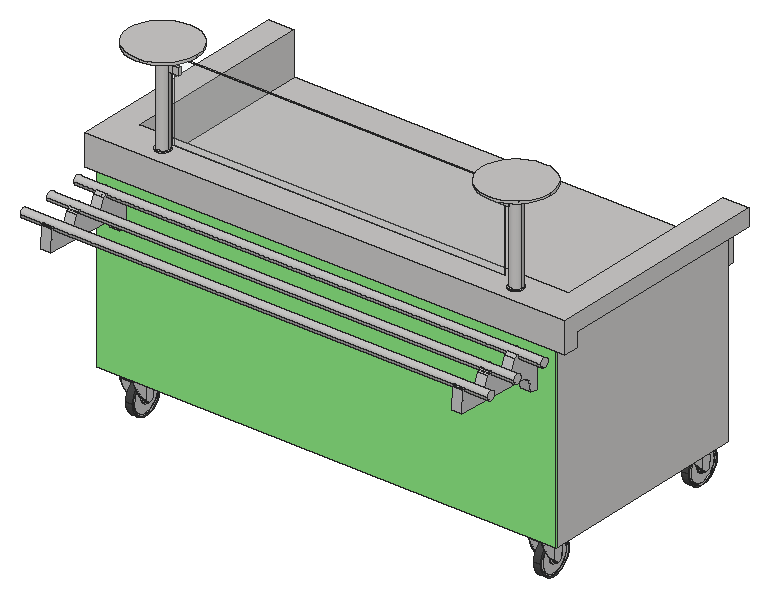
Revit family "QF_BOURGEAT_Self_GN4_Meuble_neutre_dessus_decaisse", category Equipement spécialisé, Revit 2015
Parameters (values of type "GN4_+_roues_+_etageres_+_pare_haleine")
  lg_pare_haleine = 1260 mm
  URL catalogue = "http://www.bourgeat.fr/fr/"
  URL = ""
  Type article = ""
  Spécification du Fabricant = "Meuble_dessus_decaisse_OASIS"
  Roues = yes
  Profondeur hors tout = 820 mm
  Poids net à vide = 155.00 kg
  Pieds = no
  lgmeuble = Longueur hors tout - 68 mm  # 1642 mm
  lgconsole = Longueur hors tout - 44 mm  # 1666 mm
  lg_etagere = lgmeuble - 404 mm  # 1238 mm
  Pare_haleine = yes
  Nature isolant = "laine de verre"
  Modèle = "854124+854950+854964+854973"
  Longueur hors tout = 1710 mm
  Hauteur hors tout = 1310 mm
  Fabricant = "BOURGEAT"
  Etageres = yes
  Contact SAV = "0033 (0)4.76.32.14.44"
  Charge max = 150.00 kg
  Certification = "NF alimentaire"
Types (7, lengths in mm): name | Roues | Pieds | Pare_haleine | Modèle | Hauteur hors tout | Etageres
  GN4_+_pied | no | yes | no | "854124" | 900 | no
  GN4_+_etageres | no | yes | no | "854124+854963" | 1310 | yes
  GN4_+_pare_haleine | no | yes | yes | "854124+854973" | 900 | no
  GN4_+_roues | yes | no | no | "854124+854950" | 900 | no
  GN4_+_etageres_+_pare_haleine | yes | no | no | "854124+854950+854974" | 1310 | no
  GN4_+_roues_+_etageres | yes | no | no | "854124+854950+854964" | 900 | yes
  GN4_+_roues_+_etageres_+_pare_haleine | yes | no | yes | "854124+854950+854964+854973" | 1310 | yes
Reference planes
  plane 1 "Centre (avant/arrière)": y = 0
  plane 2: z = 0
  plane 3 "Centre (gauche/droite)": x = 0
  plane 4: z = 235
  plane 5: z = 465
  plane 6: z = 284
  plane 7: z = 640
  plane 8: y = 812
  plane 9: y = 58
  plane 10: y = 590
  plane 11: x = -1225
  plane 12: x = 283
Forms (mm)
  Extrusion 1, solid
    sketch origin (-964.434, 20.176, 0) x (1, 0, 0) y (0, 1, 0)
      loop
        circle (-260.566, 569.824) r 10
    from 149.89 to 160
  Extrusion 2, solid
    sketch origin (22.434, 20.176, 0) x (-1, 0, 0) y (0, -1, 0)
      loop
        circle (-260.566, -569.824) r 10
    from 149.89 to 160
Dimensions and locks
  locked: plane 4 to plane 2 at 235
  locked: plane 6 to plane 2 at 284
  locked: plane 7 to plane 2 at 640
  equal spacing: nested 4, plane 9, nested 4, locked at 66 each
  locked: nested 5 to plane 10 at 175
  locked: nested 5 to plane 11 at 66
  locked: nested 5 to plane 12 at 66
  aligned and locked: level to plane 2
  aligned and locked: plane 7 to nested 1
  aligned and locked: plane 4 to nested 3
  aligned and locked: nested 2 to plane 5
  aligned and locked: plane 1 "Centre (avant/arrière)" to nested 5
  aligned and locked: nested 4 to plane 8
  aligned and locked: nested 4 to nested 5
  aligned and locked: nested 4 to nested 2
  aligned and locked: nested 4 to nested 3
  aligned and locked: nested 4 to nested 1
  aligned and locked: nested 5 to plane 2
  aligned and locked: nested 6 to nested 4
  aligned and locked: nested 6 to plane 9
  aligned and locked: nested 4 to nested 6
  aligned and locked: nested 1 to nested 5
  aligned and locked: plane 11 to Extrusion 1 sketch curve
  aligned and locked: Extrusion 1 sketch curve to plane 10
  aligned and locked: plane 7 to nested 7
  aligned and locked: nested 7 to nested 5
  aligned and locked: plane 12 to Extrusion 2 sketch curve
  aligned and locked: plane 10 to Extrusion 2 sketch curve
Automatic sketch dimensions
  radius of Extrusion 1 sketch curve = 10 mm
  radius of Extrusion 2 sketch curve = 10 mm
Nested families
  nested 1: "barre_et_console" at (-471, 0, 465) x (-1, 0, 0) z (0, 0, 1), type "barre_et_console"
    with lg_ht 1710 mm, lg_barre_console 1666 mm
  nested 2: "etagere" at (-471, 100.176, 427) x (-1, 0, 0) z (0, 0, 1), visible <- "Etageres", type "etagere"
    with lg_etagere 1238 mm
  nested 3: "etagere" at (-471, 100.176, 197) x (-1, 0, 0) z (0, 0, 1), visible <- "Etageres", type "etagere"
    with lg_etagere 1238 mm
  nested 4: "cuve_2GN" at (-471, 402, 705) x (-1, 0, 0) z (0, 0, 1), type "cuve_2GN"
  nested 5: "corps_meuble_dessus_decaisse" at (349, 0, 160), type "corps_meuble_dessus_decaisse"
    with lg_meuble 1640 mm, lg_ht 1710 mm
  nested 6: "pare_haleine" at (-471, 58, 900), visible <- "Pare_haleine", type "pare_haleine"
    with lg_ht 1260 mm, lg_entre_axe 1260 mm
  nested 7: "Prise" at (-1089, 637, 597) x (0, 1, 0) z (0, 0, 1), type "Prise"
Connectors
  electrical at (-1225, 590, 149.89)
    settings: on Extrusion 1, index 1, voltage 0 V, apparent load 0 VA, apparent load phase1 0 VA, apparent load phase2 0 VA, apparent load phase3 0 VA, power factor 1, load classification "Autre", number of poles 1, system type 30, power factor state 1, is connector primary yes, connector utility no, sub classification motor no, connector description ""
  electrical at (283, 590, 149.89)
    settings: on Extrusion 2, index 2, voltage 0 V, apparent load 0 VA, apparent load phase1 0 VA, apparent load phase2 0 VA, apparent load phase3 0 VA, power factor 1, load classification "Autre", number of poles 1, system type 30, power factor state 1, is connector primary no, connector utility no, sub classification motor no, connector description ""
Definition of nested family "barre_et_console"
  Parameters (values of type "barre_et_console")
    lg_ht = 1014 mm
    lg_barre_console = lg_ht - 44 mm  # 970 mm
  Reference planes
    plane 1 "Centre (avant/arrière)": y = 0
    plane 2: z = 0
    plane 3 "Centre (gauche/droite)": x = 0
    plane 4: x = -485
    plane 5: x = 485
    plane 6: x = -385
    plane 7: x = 385
    plane 8: z = 320.378
    plane 9: z = 175
  Dimensions and locks
    locked: plane 4 to plane 6 at 100
    locked: plane 7 to plane 5 at 100
    equal spacing: plane 4, plane 3 "Centre (gauche/droite)", plane 5
    "lg_barre_console": plane 4 to plane 5
    aligned and locked: level to plane 2
    aligned and locked: nested 1 to plane 1 "Centre (avant/arrière)"
    aligned and locked: plane 6 to nested 1
    aligned and locked: plane 7 to nested 2
    aligned and locked: plane 5 to nested 3
    aligned and locked: nested 3 to plane 4
    aligned and locked: plane 8 to nested 3
    aligned and locked: plane 9 to nested 1
  Nested families
    nested 1: "console" at (-385, 0, 0) x (0, 1, 0) z (0, 0, 1), type "console"
    nested 2: "console" at (385, 0, 0) x (0, 1, 0) z (0, 0, 1), type "console"
    nested 3: "barre" at (485, 0, 19.415) x (0, 1, 0) z (0, 0, 1), type "barre"
  Definition of nested family "console"
    Reference planes
      plane 1 "Centre (avant/arrière)": y = 0
      plane 2: z = 0
      plane 3 "Centre (gauche/droite)": x = 0
      plane 4: y = 18
      plane 5: y = -18
      plane 6: y = 0
    Forms (mm)
      Extrusion 1, solid
        sketch origin (-12.245, 0, 175) x (1, 0, 0) y (0, 0, 1)
          loop
            line (12.245, 100) -> (12.245, 0) -> (39.579, 4.82) -> (50.894, 44.279)
            arc (50.894, 44.279) -> (55.986, 52.254) -> (64.592, 56.187) r 16.714
            line (64.592, 56.187) -> (348.499, 69.146) -> (343.309, 143.358)
            arc (343.309, 143.358) -> (342.973, 144.595) -> (342.189, 145.609) r 3.292
            line (342.189, 145.609) -> (337.923, 148.439)
            arc (337.923, 148.439) -> (337.371, 148.545) -> (336.906, 148.229) r 0.731
            arc (336.906, 148.229) -> (320.176, 130.386) -> (309.012, 152.149) r 14.958
            arc (309.012, 152.149) -> (308.597, 152.587) -> (308.001, 152.491) r 0.646
            line (308.001, 152.491) -> (297.265, 144.401) -> (278.874, 108.385)
            arc (278.874, 108.385) -> (262.102, 99.164) -> (245.329, 108.385) r 19.864
            line (245.329, 108.385) -> (229.634, 139.188) -> (217.945, 148.321)
            arc (217.945, 148.321) -> (217.306, 148.53) -> (216.976, 147.944) r 0.53
            arc (216.976, 147.944) -> (200.124, 130.629) -> (188.973, 152.064) r 14.905
            arc (188.973, 152.064) -> (188.691, 152.524) -> (188.154, 152.476) r 0.511
            line (188.154, 152.476) -> (177.098, 144.144) -> (158.855, 108.341)
            arc (158.855, 108.341) -> (142.039, 98.901) -> (125.223, 108.341) r 19.698
            line (125.223, 108.341) -> (109.334, 139.526) -> (97.932, 148.434)
            arc (97.932, 148.434) -> (97.187, 148.438) -> (96.994, 147.718) r 0.61
            arc (96.994, 147.718) -> (79.923, 130.663) -> (69.024, 152.192) r 14.902
            arc (69.024, 152.192) -> (68.66, 152.548) -> (68.158, 152.464) r 0.563
            line (68.158, 152.464) -> (57.103, 144.336) -> (39.164, 108.745)
            arc (39.164, 108.745) -> (33.443, 102.448) -> (25.295, 100) r 15.908
            line (25.295, 100) -> (12.245, 100)
        from -18 to 18
    Dimensions and locks
      plane 4 to plane 5 = 36 mm
      equal spacing: plane 4, plane 6, plane 5, locked at 18 each
      aligned and locked: level to plane 2
      aligned and locked: plane 4 to Extrusion 1
      aligned and locked: Extrusion 1 to plane 5
      aligned and locked: plane 6 to plane 1 "Centre (avant/arrière)"
      aligned and locked: Extrusion 1 to plane 3 "Centre (gauche/droite)"
    Automatic sketch dimensions
      Extrusion 1 sketch curve to Extrusion 1 sketch curve = 12.714 mm
      Extrusion 1 sketch curve to Extrusion 1 sketch curve = 13.05 mm
      Extrusion 1 sketch curve to Extrusion 1 sketch curve = 14.206 mm
      Extrusion 1 sketch curve to Extrusion 1 sketch curve = 27.334 mm
      Extrusion 1 sketch curve to Extrusion 1 sketch curve = 11.315 mm
      Extrusion 1 sketch curve to Extrusion 1 sketch curve = 17.938 mm
      Extrusion 1 sketch curve to Extrusion 1 sketch curve = 13.698 mm
      Extrusion 1 sketch curve to Extrusion 1 sketch curve = 16.057 mm
      Extrusion 1 sketch curve to Extrusion 1 sketch curve = 11.055 mm
      Extrusion 1 sketch curve to Extrusion 1 sketch curve = 0.333 mm
      Extrusion 1 sketch curve to Extrusion 1 sketch curve = 13.785 mm
      Extrusion 1 sketch curve to Extrusion 1 sketch curve = 15.28 mm
      Extrusion 1 sketch curve to Extrusion 1 sketch curve = 0.376 mm
      Extrusion 1 sketch curve to Extrusion 1 sketch curve = 11.401 mm
      Extrusion 1 sketch curve to Extrusion 1 sketch curve = 15.89 mm
      Extrusion 1 sketch curve to Extrusion 1 sketch curve = 16.816 mm  (x2)
      Extrusion 1 sketch curve to Extrusion 1 sketch curve = 18.243 mm
      Extrusion 1 sketch curve to Extrusion 1 sketch curve = 11.057 mm
      Extrusion 1 sketch curve to Extrusion 1 sketch curve = 0.308 mm
      Extrusion 1 sketch curve to Extrusion 1 sketch curve = 13.831 mm
      Extrusion 1 sketch curve to Extrusion 1 sketch curve = 15.204 mm
      Extrusion 1 sketch curve to Extrusion 1 sketch curve = 0.447 mm
      Extrusion 1 sketch curve to Extrusion 1 sketch curve = 11.69 mm
      Extrusion 1 sketch curve to Extrusion 1 sketch curve = 15.695 mm
      Extrusion 1 sketch curve to Extrusion 1 sketch curve = 16.772 mm  (x2)
      Extrusion 1 sketch curve to Extrusion 1 sketch curve = 18.391 mm
      Extrusion 1 sketch curve to Extrusion 1 sketch curve = 10.737 mm
      Extrusion 1 sketch curve to Extrusion 1 sketch curve = 0.389 mm
      Extrusion 1 sketch curve to Extrusion 1 sketch curve = 13.868 mm
      Extrusion 1 sketch curve to Extrusion 1 sketch curve = 15.261 mm
      Extrusion 1 sketch curve to Extrusion 1 sketch curve = 0.404 mm
      Extrusion 1 sketch curve to Extrusion 1 sketch curve = 2.506 mm
      Extrusion 1 sketch curve to Extrusion 1 sketch curve = 2.164 mm
      Extrusion 1 sketch curve to Extrusion 1 sketch curve = 1.12 mm
      Extrusion 1 sketch curve to Extrusion 1 sketch curve = 5.189 mm
      Extrusion 1 sketch curve to Extrusion 1 sketch curve = 4.639 mm
      Extrusion 1 sketch curve to Extrusion 1 sketch curve = 55.721 mm
      Extrusion 1 sketch curve to Extrusion 1 sketch curve = 8.745 mm
      Extrusion 1 sketch curve to Extrusion 1 sketch curve = 10.259 mm
      Extrusion 1 sketch curve to Extrusion 1 sketch curve = 10.642 mm
      Extrusion 1 sketch curve to Extrusion 1 sketch curve = 9.133 mm
      Extrusion 1 sketch curve to Extrusion 1 sketch curve = 31.185 mm
      Extrusion 1 sketch curve to Extrusion 1 sketch curve = 35.803 mm
      Extrusion 1 sketch curve to Extrusion 1 sketch curve = 35.592 mm
      Extrusion 1 sketch curve to Extrusion 1 sketch curve = 3.24 mm
      Extrusion 1 sketch curve to Extrusion 1 sketch curve = 2.946 mm
      Extrusion 1 sketch curve to Extrusion 1 sketch curve = 1.042 mm
      Extrusion 1 sketch curve to Extrusion 1 sketch curve = 0.609 mm
      Extrusion 1 sketch curve to Extrusion 1 sketch curve = 8.427 mm
      Extrusion 1 sketch curve to Extrusion 1 sketch curve = 0.286 mm
      Extrusion 1 sketch curve to Extrusion 1 sketch curve = 0.481 mm
      Extrusion 1 sketch curve to Extrusion 1 sketch curve = 0.516 mm
      Extrusion 1 sketch curve to Extrusion 1 sketch curve = 7.674 mm
      Extrusion 1 sketch curve to Extrusion 1 sketch curve = 7.924 mm
      Extrusion 1 sketch curve to Extrusion 1 sketch curve = 0.453 mm
      Extrusion 1 sketch curve to Extrusion 1 sketch curve = 0.408 mm
      Extrusion 1 sketch curve to Extrusion 1 sketch curve = 0.533 mm
      Extrusion 1 sketch curve to Extrusion 1 sketch curve = 0.511 mm
      Extrusion 1 sketch curve to Extrusion 1 sketch curve = 0.622 mm
      Extrusion 1 sketch curve to Extrusion 1 sketch curve = 4.82 mm
      Extrusion 1 sketch curve to Extrusion 1 sketch curve = 34.82 mm
      Extrusion 1 sketch curve to Extrusion 1 sketch curve = 76.232 mm
      Extrusion 1 sketch curve to Extrusion 1 sketch curve = 37.038 mm
      Extrusion 1 sketch curve to Extrusion 1 sketch curve = 39.239 mm
      Extrusion 1 sketch curve to Extrusion 1 sketch curve = 30.803 mm
      Extrusion 1 sketch curve to Extrusion 1 sketch curve = 34.743 mm
      Extrusion 1 sketch curve to Extrusion 1 sketch curve = 0.23 mm
      Extrusion 1 sketch curve to Extrusion 1 sketch curve = 36.015 mm
      Extrusion 1 sketch curve to Extrusion 1 sketch curve = 2.071 mm
      Extrusion 1 sketch curve to Extrusion 1 sketch curve = 7.575 mm
      Extrusion 1 sketch curve to plane 3 "Centre (gauche/droite)" = 0 mm
      level to Extrusion 1 sketch curve = 175 mm
  Definition of nested family "barre"
    Parameters (values of type "barre")
      lg_barre = 970 mm
    Reference planes
      plane 1 "Centre (avant/arrière)": y = 0
      plane 2: z = 0
      plane 3 "Centre (gauche/droite)": x = 0
      plane 4: x = 70
      plane 5: x = 190
      plane 6: x = 309
      plane 7: z = 300.963
      plane 8: z = 94.658
      plane 9: y = 0
      plane 10: y = 970
    Forms (mm)
      Extrusion 1, solid
        sketch origin (0, 0, 0) x (1, 0, 0) y (0, 0, 1)
          loop
            circle (70, 300.963) r 15
          loop
            circle (190, 300.963) r 15
          loop
            circle (309, 300.963) r 15
        from 0 to -970
    Dimensions and locks
      plane 4 to plane 3 "Centre (gauche/droite)" = 70 mm
      plane 6 to plane 5 to plane 4 = 119 mm, 120 mm
      "lg_barre": plane 10 to plane 1 "Centre (avant/arrière)"
      aligned and locked: level to plane 2
      aligned and locked: Extrusion 1 to plane 9
      aligned and locked: plane 9 to plane 1 "Centre (avant/arrière)"
      aligned and locked: plane 10 to Extrusion 1
    Automatic sketch dimensions
      Extrusion 1 sketch curve to plane 4 = 0 mm
      Extrusion 1 sketch curve to plane 5 = 0 mm
      Extrusion 1 sketch curve to plane 6 = 0 mm
      Extrusion 1 sketch curve to plane 7 = 0 mm  (x3)
      radius of Extrusion 1 sketch curve = 15 mm  (x3)
Definition of nested family "etagere"
  Parameters (values of type "etagere")
    lg_etagere = 542 mm
  Reference planes
    plane 1 "Centre (avant/arrière)": y = 0
    plane 2: z = 0
    plane 3 "Centre (gauche/droite)": x = 0
    plane 4: y = -625
    plane 5: y = -623
    plane 6: y = -2
    plane 7: x = 0
  Forms (mm)
    Extrusion 1, solid
      sketch origin (0, 0, 0) x (0, 1, 0) y (0, 0, 1)
        loop
          line (0, 119.481) -> (-2, 119.481) -> (-2, 40) -> (-625, 40) -> (-625, 0) -> (-623, 0) -> (-623, 38) -> (0, 38) -> (0, 119.481)
      from -271 to 271
  Dimensions and locks
    locked: plane 6 to plane 1 "Centre (avant/arrière)" at 2
    locked: plane 4 to plane 5 at 2
    plane 4 to plane 1 "Centre (avant/arrière)" = 625 mm
    equal spacing: Extrusion 1, plane 7, Extrusion 1
    "lg_etagere": Extrusion 1 to Extrusion 1
    aligned and locked: level to plane 2
    aligned and locked: plane 2 to Extrusion 1 sketch curve
    aligned and locked: plane 1 "Centre (avant/arrière)" to Extrusion 1 sketch curve
    aligned and locked: plane 4 to Extrusion 1
    aligned and locked: plane 5 to Extrusion 1
    aligned and locked: Extrusion 1 to plane 6
    aligned and locked: plane 3 "Centre (gauche/droite)" to plane 7
  Automatic sketch dimensions
    Extrusion 1 sketch curve to plane 4 = 0 mm
    Extrusion 1 sketch curve to plane 5 = 0 mm
    Extrusion 1 sketch curve to plane 6 = 0 mm
    level to Extrusion 1 sketch curve = 38 mm
    Extrusion 1 sketch curve to Extrusion 1 sketch curve = 2 mm
    Extrusion 1 sketch curve to Extrusion 1 sketch curve = 79.481 mm
Definition of nested family "cuve_2GN"
  Parameters (values of type "cuve_2GN")
    longueur_cuve = 1710 mm
  Reference planes
    plane 1 "Centre (avant/arrière)": y = 0
    plane 2: z = 0
    plane 3 "Centre (gauche/droite)": x = 0
    plane 4: x = 855
    plane 5: x = -855
    plane 6: y = 410
    plane 7: y = -410
    plane 8: x = -765
    plane 9: x = 765
    plane 10: y = 278
    plane 11: z = 195
    plane 12: x = -801
    plane 13: x = 801
    plane 14: z = 135
    plane 15: y = 356
    plane 16: z = 85
  Forms (mm)
    Extrusion 1, solid
      sketch origin (0, 0, 0) x (1, 0, 0) y (0, 1, 0)
        loop
          line (-855, 410) -> (-855, -410) -> (-765, -410) -> (-765, 278) -> (765, 278) -> (765, -410) -> (855, -410) -> (855, 410) -> (-855, 410)
      from 0 to 195
    Extrusion 2, solid
      sketch origin (0, 0, 0) x (1, 0, 0) y (0, 0, 1)
        loop
          line (-765, 0) -> (765, 0) -> (765, 45.074) -> (-765, 45.074) -> (-765, 0)
      from -278 to 410
    Extrusion 3, void
      sketch origin (0, 0, 0) x (1, 0, 0) y (0, 0, 1)
        loop
          line (-1295.131, 135) -> (-1295.131, -78.924) -> (-801, -78.924) -> (-801, 135) -> (-1295.131, 135)
        loop
          line (1326.713, 135) -> (801, 135) -> (801, -387.537) -> (1326.713, -387.537) -> (1326.713, 135)
      from -356 to 637.488
    Extrusion 4, void
      sketch origin (0, 0, 0) x (0, 1, 0) y (0, 0, 1)
        loop
          line (356, 85) -> (356, 0) -> (410, 0) -> (410, 85) -> (356, 85)
      from -855 to 855
  Cuts and joins
    Extrusion 3, Extrusion 4 cuts Extrusion 1
  Dimensions and locks
    equal spacing: plane 5, plane 3 "Centre (gauche/droite)", plane 4
    "longueur_cuve": plane 5 to plane 4
    plane 6 to plane 7 = 820 mm
    equal spacing: plane 6, plane 1 "Centre (avant/arrière)", plane 7
    locked: plane 5 to plane 8 at 90
    locked: plane 9 to plane 4 at 90
    locked: plane 6 to plane 10 at 132
    locked: plane 5 to plane 12 at 54
    locked: plane 4 to plane 13 at 54
    aligned and locked: level to plane 2
    aligned and locked: Extrusion 1 sketch curve to plane 6
    aligned and locked: Extrusion 1 sketch curve to plane 5
    aligned and locked: Extrusion 1 sketch curve to plane 4
    aligned and locked: Extrusion 1 sketch curve to plane 7
    aligned and locked: plane 8 to Extrusion 1 sketch curve
    aligned and locked: Extrusion 1 sketch curve to plane 10
    aligned and locked: plane 9 to Extrusion 1 sketch curve
    aligned and locked: plane 7 to Extrusion 1 sketch curve
    aligned and locked: Extrusion 1 to plane 11
    aligned and locked: Extrusion 2 to Extrusion 1  (x2)
    aligned and locked: Extrusion 3 sketch curve to plane 14  (x2)
    aligned and locked: Extrusion 3 sketch curve to plane 12
    aligned and locked: Extrusion 3 sketch curve to plane 13
    aligned and locked: plane 15 to Extrusion 3
    aligned and locked: plane 16 to Extrusion 4 sketch curve
    aligned and locked: plane 15 to Extrusion 4 sketch curve
    aligned and locked: Extrusion 4 sketch curve to cut or joined group of Extrusion 1, Extrusion 3, Extrusion 4  (x2)
    aligned and locked: Extrusion 1 to Extrusion 4
    aligned and locked: Extrusion 4 to Extrusion 1
  Automatic sketch dimensions
    Extrusion 2 sketch curve to plane 8 = 0 mm
    plane 9 to Extrusion 2 sketch curve = 0 mm
    Extrusion 2 sketch curve to level = 0 mm
    level to Extrusion 2 sketch curve = 45.074 mm
    plane 5 to Extrusion 3 sketch curve = 440.131 mm
    plane 4 to Extrusion 3 sketch curve = 471.713 mm
    Extrusion 3 sketch curve to level = 387.537 mm
    Extrusion 3 sketch curve to level = 78.924 mm
Definition of nested family "corps_meuble_dessus_decaisse"
  Parameters (values of type "corps_meuble_dessus_decaisse")
    roues = yes
    pieds = no
    lg_meuble = lg_ht - 70 mm  # 944 mm
    lg_ht = 1014 mm
  Reference planes
    plane 1 "Centre (avant/arrière)": y = 0
    plane 2: z = 0
    plane 3 "Centre (gauche/droite)": x = 0
    plane 4: x = -480.227
    plane 5: z = 680
    plane 6: x = -472
    plane 7: x = -379.227
    plane 8: x = -944
    plane 9: x = -926
    plane 10: x = -202
    plane 11: x = -18
    plane 12: x = -742
    plane 13: x = -854
    plane 14: x = -90
    plane 15: z = 519
    plane 16: x = -851
    plane 17: x = -93
    plane 18: y = 53
    plane 19: y = 712
    plane 20: y = 402
    plane 21: z = 570
    plane 22: y = -1
  Forms (mm)
    Extrusion 1, solid
      sketch origin (-379.227, -50.814, 0) x (1, 0, 0) y (0, 1, 0)
        loop
          line (-564.773, 815.814) -> (-564.773, 50.814) -> (379.227, 50.814) -> (379.227, 815.814) -> (177.227, 815.814) -> (177.227, 130.814) -> (-362.773, 130.814) -> (-362.773, 815.814) -> (-564.773, 815.814)
      from 0 to 680
    Extrusion 2, void
      sketch origin (-379.227, 0, 0) x (1, 0, 0) y (0, 1, 0)
        loop
          line (-546.773, 870) -> (-546.773, 80) -> (361.227, 80) -> (361.227, 870) -> (-546.773, 870)
      from 570 to 680
    Extrusion 3, solid
      sketch origin (0, 0, 0) x (1, 0, 0) y (0, 0, 1)
        loop
          line (-944, 680) -> (-944, 0) -> (0, 0) -> (0, 680) -> (-944, 680)
      from 0 to 1
  Cuts and joins
    Extrusion 2 cuts Extrusion 1
  Dimensions and locks
    locked: plane 5 to plane 2 at 680
    plane 8 to plane 9 = 18 mm
    locked: plane 10 to plane 3 "Centre (gauche/droite)" at 202
    locked: plane 11 to plane 3 "Centre (gauche/droite)" at 18
    equal spacing: plane 8, plane 6, plane 3 "Centre (gauche/droite)"
    "lg_meuble": plane 8 to plane 3 "Centre (gauche/droite)"
    locked: plane 8 to plane 12 at 202
    locked: plane 8 to plane 13 at 90
    locked: plane 14 to plane 3 "Centre (gauche/droite)" at 90
    locked: plane 15 to plane 2 at 519
    locked: plane 8 to plane 16 at 93
    locked: plane 17 to plane 3 "Centre (gauche/droite)" at 93
    locked: cut or joined group of Extrusion 1, Extrusion 2 to plane 20 at 363
    plane 5 to plane 21 = 110 mm
    aligned and locked: level to plane 2
    aligned and locked: plane 5 to Extrusion 1
    aligned and locked: cut or joined group of Extrusion 1, Extrusion 2 to plane 8
    aligned and locked: Extrusion 2 to plane 9
    aligned and locked: Extrusion 1 to plane 10
    aligned and locked: plane 11 to cut or joined group of Extrusion 1, Extrusion 2
    aligned and locked: plane 12 to cut or joined group of Extrusion 1, Extrusion 2
    aligned and locked: plane 13 to nested 1
    aligned and locked: plane 19 to nested 1
    aligned and locked: nested 2 to plane 18
    aligned and locked: plane 13 to nested 2
    aligned and locked: nested 3 to plane 18
    aligned and locked: plane 17 to nested 3
    aligned and locked: plane 19 to nested 4
    aligned and locked: plane 17 to nested 4
    aligned and locked: plane 17 to nested 7
    aligned and locked: plane 19 to nested 7
    aligned and locked: nested 8 to plane 18
    aligned and locked: plane 17 to nested 8
    aligned and locked: nested 6 to plane 18
    aligned and locked: plane 13 to nested 6
    aligned and locked: plane 13 to nested 5
    aligned and locked: plane 19 to nested 5
    aligned and locked: nested 2 to plane 2
    aligned and locked: nested 1 to plane 2
    aligned and locked: nested 5 to plane 2
    aligned and locked: nested 8 to plane 2
    aligned and locked: nested 7 to plane 2
    aligned and locked: nested 3 to plane 2
    aligned and locked: nested 4 to plane 2
    aligned and locked: cut or joined group of Extrusion 1, Extrusion 2 to plane 21
    aligned and locked: Extrusion 2 to Extrusion 1
    aligned and locked: Extrusion 3 sketch curve to cut or joined group of Extrusion 1, Extrusion 2  (x4)
    aligned and locked: Extrusion 3 to plane 22
  Automatic sketch dimensions
    Extrusion 1 sketch curve to plane 8 = 0 mm
    Extrusion 1 sketch curve to plane 10 = 0 mm
    plane 1 "Centre (avant/arrière)" to Extrusion 1 sketch curve = 0 mm
    Extrusion 1 sketch curve to plane 3 "Centre (gauche/droite)" = 0 mm
    Extrusion 1 sketch curve to plane 1 "Centre (avant/arrière)" = 80 mm
    Extrusion 1 sketch curve to plane 6 = 270 mm
    Extrusion 1 sketch curve to Extrusion 1 sketch curve = 685 mm
    Extrusion 1 sketch curve to Extrusion 1 sketch curve = 765 mm
    Extrusion 2 sketch curve to plane 9 = 0 mm
    Extrusion 2 sketch curve to plane 11 = 0 mm
    Extrusion 2 sketch curve to plane 1 "Centre (avant/arrière)" = 80 mm
    Extrusion 2 sketch curve to Extrusion 2 sketch curve = 790 mm
  Nested families
    nested 1: "pied" at (-854, 712, -160), visible <- "pieds", type "pied"
    nested 2: "pied" at (-854, 53, -160), visible <- "pieds", type "pied"
    nested 3: "pied" at (-93, 53, -160), visible <- "pieds", type "pied"
    nested 4: "pied" at (-93, 712, -160), visible <- "pieds", type "pied"
    nested 5: "roue_ht160" at (-854, 712, -160.21), visible <- "roues", type "roue_ht160"
      with Sans frein yes, Avec frein yes
    nested 6: "roue_ht160" at (-854, 53, -160.21), visible <- "roues", type "roue_ht160"
      with Sans frein yes, Avec frein yes
    nested 7: "roue_ht160" at (-93, 712, -160.21), visible <- "roues", type "roue_ht160"
      with Sans frein yes, Avec frein yes
    nested 8: "roue_ht160" at (-93, 53, -160.21), visible <- "roues", type "roue_ht160"
      with Sans frein yes, Avec frein yes
  Definition of nested family "pied"
    Reference planes
      plane 1 "Centre (avant/arrière)": y = 0
      plane 2: z = 0
      plane 3 "Centre (gauche/droite)": x = 0
    Forms (mm)
      Revolve 1, solid
        sketch origin (0, 0, 0) x (1, 0, 0) y (0, 0, 1)
          loop
            line (0, 160) -> (-33, 160) -> (-33, 70) -> (-28, 70) -> (-28, 0) -> (0, 0) -> (0, 160)
          axis (0, 160) -> (0, 0)
        angle from 0 to 360
    Dimensions and locks
      plane 3 "Centre (gauche/droite)" to Revolve 1 sketch curve = 28 mm
      Revolve 1 sketch curve to plane 3 "Centre (gauche/droite)" = 33 mm
      Revolve 1 sketch curve to plane 2 = 70 mm
      Revolve 1 sketch curve to Revolve 1 sketch curve = 90 mm
      aligned and locked: level to plane 2
  Definition of nested family "roue_ht160"
    Parameters (values of type "roue_ht160")
      Sans frein [instance] = yes
      Avec frein [instance] = yes
    Reference planes
      plane 1 "Centre (avant/arrière)": y = 0
      plane 2: z = 0
      plane 3 "Centre (gauche/droite)": x = 0
      plane 4: y = 40.851
      plane 5: z = 62.5
    Forms (mm)
      Extrusion 1, solid
        sketch origin (0, 0, 0) x (0, 1, 0) y (0, 0, 1)
          loop
            circle (40.851, 62.5) r 62.5
          loop
            circle (40.851, 62.5) r 57.5
        from -12.5 to 12.5
      Revolve 2, solid
        sketch origin (0, 0, 0) x (0, 1, 0) y (0, 0, 1)
          loop
            line (0, 160.21) -> (-20.149, 160.21) -> (-20.149, 159.41) -> (-21.6, 159.41)
            arc (-21.6, 159.41) -> (-24.448, 158.65) -> (-26.537, 156.572) r 5.712
            line (-26.537, 156.572) -> (-30.146, 147.743) -> (-26.999, 147.062) -> (-26.999, 146.112)
            arc (-26.999, 146.112) -> (-27.23, 145.314) -> (-27.849, 144.761) r 1.5
            arc (-27.849, 144.761) -> (-29.223, 143.633) -> (-29.923, 142) r 3.75
            line (-29.923, 142) -> (0, 142) -> (0, 160.21)
          axis (0, 160.21) -> (0, 142)
        angle from 0 to 360
      Extrusion 3, solid
        sketch origin (0, 0, 0) x (0, 1, 0) y (0, 0, -1)
          loop
            line (-29.974, -138.241) -> (-29.974, -142) -> (21.747, -142) -> (21.747, -60.336)
            arc (21.747, -60.336) -> (10.272, -70.702) -> (-0.149, -82.127) r 160.057
            arc (-0.149, -82.127) -> (-17.883, -108.684) -> (-29.974, -138.241) r 159.585
        from -24.913 to -23.038
      Extrusion 4, solid
        sketch origin (0, 0, 0) x (0, 1, 0) y (0, 0, 1)
          loop
            line (-29.974, 142) -> (-29.974, 140.869) -> (21.747, 140.869) -> (21.747, 142) -> (-29.974, 142)
        from -23.038 to 23.038
      Extrusion 5, solid
        sketch origin (0, 0, 0) x (0, 1, 0) y (0, 0, 1)
          loop
            circle (40.851, 62.5) r 57.5
          loop
            circle (40.851, 62.5) r 55
        from -12.5 to 12.5
      Extrusion 6, solid
        sketch origin (0, 0, 0) x (0, 1, 0) y (0, 0, 1)
          loop
            circle (40.851, 62.5) r 55
        from -7 to 7
      Extrusion 7, solid
        sketch origin (0, 0, 0) x (0, 1, 0) y (0, 0, 1)
          loop
            circle (40.851, 62.5) r 21
        from 7 to 15
      Extrusion 8, solid
        sketch origin (0, 0, 0) x (0, 1, 0) y (0, 0, -1)
          loop
            circle (40.851, -62.5) r 16
        from -23.038 to -15
      Extrusion 9, solid, visible <- "Sans frein"
        sketch origin (0, 0, 0) x (0, 1, 0) y (0, 0, 1)
          loop
            arc (21.747, 60.336) -> (23.188, 59.17) -> (24.642, 58.02) r 161.23
            arc (24.642, 58.02) -> (29.34, 54.513) -> (34.187, 51.216) r 133.333
            arc (34.187, 51.216) -> (46.517, 50.3) -> (53.927, 60.198) r 12.867
            arc (53.927, 60.198) -> (54.714, 99.183) -> (46.119, 137.216) r 161.222
            arc (46.119, 137.216) -> (45.679, 138.887) -> (45.531, 140.609) r 10.076
            line (45.531, 140.609) -> (45.531, 142) -> (21.747, 142) -> (21.747, 60.336)
        from 23.038 to 24.913
      Extrusion 10, solid, visible <- "Sans frein"
        sketch origin (0, 0, 0) x (0, 1, 0) y (0, 0, 1)
          loop
            line (21.747, 142) -> (21.747, 140.701) -> (48.851, 140.701) -> (48.851, 142) -> (21.747, 142)
        from -23.038 to 23.038
      Extrusion 11, solid, visible <- "Avec frein"
        sketch origin (0, 0, 0) x (0, 1, 0) y (0, 0, 1)
          loop
            line (21.747, 142) -> (21.747, 60.336)
            arc (21.747, 60.336) -> (23.177, 59.179) -> (24.62, 58.038) r 160.008
            arc (24.62, 58.038) -> (29.041, 54.705) -> (33.574, 51.527) r 160
            arc (33.574, 51.527) -> (46.135, 50.422) -> (53.724, 60.491) r 13
            arc (53.724, 60.491) -> (55.279, 82.092) -> (53.902, 103.704) r 160
            arc (53.902, 103.704) -> (55.53, 108.653) -> (60.415, 110.463) r 6
            arc (60.415, 110.463) -> (80.625, 109.924) -> (100.725, 112.107) r 150
            arc (100.725, 112.107) -> (104.408, 113.406) -> (107.479, 115.819) r 12
            line (107.479, 115.819) -> (110.851, 121.523)
            arc (110.851, 121.523) -> (85.913, 134.651) -> (58.706, 142) r 127.902
            line (58.706, 142) -> (21.747, 142)
        from 23.038 to 24.913
      Extrusion 12, solid, visible <- "Avec frein"
        sketch origin (0, 0, 0) x (0, 1, 0) y (0, 0, 1)
          loop
            line (58.706, 142) -> (21.747, 142) -> (21.747, 140) -> (58.552, 140)
            arc (58.552, 140) -> (85.253, 132.762) -> (109.73, 119.866) r 125.902
            line (109.73, 119.866) -> (110.851, 121.523)
            arc (110.851, 121.523) -> (85.913, 134.651) -> (58.706, 142) r 127.902
        from -23.038 to 23.038
      Extrusion 13, solid, visible <- "Avec frein"
        sketch origin (0, 19.896, 18.175) x (0, 1, 0) y (0, 0, 1)
          loop
            line (87.583, 97.644) -> (91.829, 95.227)
            arc (91.829, 95.227) -> (93.8, 95.006) -> (95.312, 96.29) r 2.5
            arc (95.312, 96.29) -> (103.495, 100.002) -> (111.176, 104.666) r 74.999
            line (111.176, 104.666) -> (110.852, 105.929)
            arc (110.852, 105.929) -> (110.04, 107.086) -> (108.666, 107.417) r 2
            arc (108.666, 107.417) -> (101.396, 105.849) -> (94.512, 103.034) r 42.354
            line (94.512, 103.034) -> (93.479, 101.228) -> (93.285, 100.414) -> (91.69, 101.675) -> (90.401, 102.412) -> (87.583, 97.644)
        from -23.038 to 23.038
      Extrusion 14, solid, not visible
        sketch origin (0, 0, 0) x (0, 1, 0) y (0, 0, -1)
          loop
            line (-29.974, -138.241) -> (-29.974, -142) -> (21.747, -142) -> (21.747, -60.336)
            arc (21.747, -60.336) -> (10.272, -70.702) -> (-0.149, -82.127) r 160.057
            arc (-0.149, -82.127) -> (-17.883, -108.684) -> (-29.974, -138.241) r 159.585
        from -24.913 to -23.038
      Extrusion 15, solid, not visible
        sketch origin (0, 0, 0) x (0, 1, 0) y (0, 0, 1)
          loop
            circle (40.851, 62.5) r 21
        from 7 to 15
      Extrusion 16, solid, not visible
        sketch origin (0, 0, 0) x (0, 1, 0) y (0, 0, -1)
          loop
            circle (40.851, -62.5) r 16
        from -23.038 to -15
      Extrusion 17, solid, visible <- "Sans frein", not visible
        sketch origin (0, 0, 0) x (0, 1, 0) y (0, 0, 1)
          loop
            arc (21.747, 60.336) -> (23.188, 59.17) -> (24.642, 58.02) r 161.23
            arc (24.642, 58.02) -> (29.34, 54.513) -> (34.187, 51.216) r 133.333
            arc (34.187, 51.216) -> (46.517, 50.3) -> (53.927, 60.198) r 12.867
            arc (53.927, 60.198) -> (54.714, 99.183) -> (46.119, 137.216) r 161.222
            arc (46.119, 137.216) -> (45.679, 138.887) -> (45.531, 140.609) r 10.076
            line (45.531, 140.609) -> (45.531, 142) -> (21.747, 142) -> (21.747, 60.336)
        from 23.038 to 24.913
      Extrusion 18, solid, visible <- "Avec frein", not visible
        sketch origin (0, 0, 0) x (0, 1, 0) y (0, 0, 1)
          loop
            line (21.747, 142) -> (21.747, 60.336)
            arc (21.747, 60.336) -> (23.177, 59.179) -> (24.62, 58.038) r 160.008
            arc (24.62, 58.038) -> (29.041, 54.705) -> (33.574, 51.527) r 160
            arc (33.574, 51.527) -> (46.135, 50.422) -> (53.724, 60.491) r 13
            arc (53.724, 60.491) -> (55.279, 82.092) -> (53.902, 103.704) r 160
            arc (53.902, 103.704) -> (55.53, 108.653) -> (60.415, 110.463) r 6
            arc (60.415, 110.463) -> (80.625, 109.924) -> (100.725, 112.107) r 150
            arc (100.725, 112.107) -> (104.408, 113.406) -> (107.479, 115.819) r 12
            line (107.479, 115.819) -> (110.851, 121.523)
            arc (110.851, 121.523) -> (85.913, 134.651) -> (58.706, 142) r 127.902
            line (58.706, 142) -> (21.747, 142)
        from 23.038 to 24.913
      Extrusion 19, solid
        sketch origin (0, 0, 0) x (0, -1, 0) y (0, 0, -1)
          loop
            arc (29.974, -138.241) -> (17.883, -108.684) -> (0.149, -82.127) r 159.585
            arc (0.149, -82.127) -> (-10.272, -70.702) -> (-21.747, -60.336) r 160.057
            line (-21.747, -60.336) -> (-21.747, -142) -> (29.974, -142) -> (29.974, -138.241)
        from -24.913 to -23.038
      Extrusion 20, solid
        sketch origin (0, 0, 0) x (0, -1, 0) y (0, 0, 1)
          loop
            circle (-40.851, 62.5) r 21
        from 7 to 15
      Extrusion 21, solid
        sketch origin (0, 0, 0) x (0, -1, 0) y (0, 0, -1)
          loop
            circle (-40.851, -62.5) r 16
        from -23.038 to -15
      Extrusion 22, solid, visible <- "Sans frein"
        sketch origin (0, 0, 0) x (0, -1, 0) y (0, 0, 1)
          loop
            line (-21.747, 60.336) -> (-21.747, 142) -> (-45.531, 142) -> (-45.531, 140.609)
            arc (-45.531, 140.609) -> (-45.679, 138.887) -> (-46.119, 137.216) r 10.076
            arc (-46.119, 137.216) -> (-54.714, 99.183) -> (-53.927, 60.198) r 161.222
            arc (-53.927, 60.198) -> (-46.517, 50.3) -> (-34.187, 51.216) r 12.867
            arc (-34.187, 51.216) -> (-29.34, 54.513) -> (-24.642, 58.02) r 133.333
            arc (-24.642, 58.02) -> (-23.188, 59.17) -> (-21.747, 60.336) r 161.23
        from 23.038 to 24.913
      Extrusion 23, solid, visible <- "Avec frein"
        sketch origin (0, 0, 0) x (0, -1, 0) y (0, 0, 1)
          loop
            line (-21.747, 142) -> (-58.706, 142)
            arc (-58.706, 142) -> (-85.913, 134.651) -> (-110.851, 121.523) r 127.902
            line (-110.851, 121.523) -> (-107.479, 115.819)
            arc (-107.479, 115.819) -> (-104.408, 113.406) -> (-100.725, 112.107) r 12
            arc (-100.725, 112.107) -> (-80.625, 109.924) -> (-60.415, 110.463) r 150
            arc (-60.415, 110.463) -> (-55.53, 108.653) -> (-53.902, 103.704) r 6
            arc (-53.902, 103.704) -> (-55.279, 82.092) -> (-53.724, 60.491) r 160
            arc (-53.724, 60.491) -> (-46.135, 50.422) -> (-33.574, 51.527) r 13
            arc (-33.574, 51.527) -> (-29.041, 54.705) -> (-24.62, 58.038) r 160
            arc (-24.62, 58.038) -> (-23.177, 59.179) -> (-21.747, 60.336) r 160.008
            line (-21.747, 60.336) -> (-21.747, 142)
        from 23.038 to 24.913
    Dimensions and locks
      aligned and locked: level to plane 2
Definition of nested family "pare_haleine"
  Parameters (values of type "pare_haleine")
    lg_ht = 560 mm
    lg_entre_axe = 560 mm
  Reference planes
    plane 1 "Centre (avant/arrière)": y = 0
    plane 2: z = 0
    plane 3 "Centre (gauche/droite)": x = 0
    plane 4: x = -280
    plane 5: x = -401
    plane 6: x = 280
    plane 7: x = 401
    plane 8: z = 341.5
    plane 9: z = 333.5
    plane 10: z = 5
    plane 11: x = -255
    plane 12: x = -305
    plane 13: x = 510
    plane 14: x = 255
    plane 15: z = 281
    plane 16: x = -241
    plane 17: x = 241
    plane 18: z = 22
    plane 19: z = 312
    plane 20: y = 3
    plane 21: y = -3
  Forms (mm)
    Extrusion 1, solid
      sketch origin (0, 0, 0) x (1, 0, 0) y (0, 1, 0)
        loop
          circle (-280, 0) r 121
        loop
          circle (280, 0) r 121.15
      from 333.5 to 341.5
    Extrusion 2, solid
      sketch origin (0, 0, 0) x (1, 0, 0) y (0, 1, 0)
        loop
          circle (-280, 0) r 21.2
        loop
          circle (280, 0) r 21.2
      from 5 to 333.5
    Revolve 3, solid
      sketch origin (0, 0, 0) x (1, 0, 0) y (0, 0, 1)
        loop
          line (-305, 0) -> (-280, 0) -> (-280, 5) -> (-301.196, 5) -> (-305, 1.196) -> (-305, 0)
        axis (-280, 5) -> (-280, 0)
      angle from 0 to 360
    Revolve 4, solid
      sketch origin (0, 0, 0) x (1, 0, 0) y (0, 0, 1)
        loop
          line (255, 0) -> (280, 0) -> (280, 5) -> (258.846, 5) -> (255, 1.154) -> (255, 0)
        axis (280, 5) -> (280, 0)
      angle from 0 to 360
    Extrusion 5, solid
      sketch origin (-45.855, 0, 0) x (1, 0, 0) y (0, 1, 0)
        loop
          arc (-213.543, 5) -> (-212.945, 0) -> (-213.543, -5) r 21.2
          line (-213.543, -5) -> (-174.145, -5) -> (-174.145, 5) -> (-213.543, 5)
        loop
          line (305.25, 4.987) -> (265.855, 4.987) -> (265.855, -14.534) -> (310.421, -14.534)
          arc (310.421, -14.534) -> (305.362, -5.429) -> (305.25, 4.987) r 21.2
      from 255.642 to 281
    Extrusion 6, solid
      sketch origin (0, 0, 0) x (1, 0, 0) y (0, 0, 1)
        loop
          line (-241, 312) -> (-241, 22) -> (241, 22) -> (241, 312) -> (-241, 312)
      from -3 to 3
  Dimensions and locks
    locked: plane 5 to plane 4 at 121
    locked: plane 7 to plane 6 at 121
    equal spacing: plane 5, plane 3 "Centre (gauche/droite)", plane 7
    locked: plane 8 to plane 2 at 341.5
    locked: plane 8 to plane 9 at 8
    locked: plane 10 to plane 2 at 5
    plane 12 to plane 4 to plane 11 = 25 mm locked, 25 mm locked
    plane 1 "Centre (avant/arrière)" to Extrusion 5 sketch curve = 5 mm
    Extrusion 5 sketch curve to plane 1 "Centre (avant/arrière)" = 5 mm
    locked: plane 11 to Extrusion 5 at 35
    locked: Extrusion 5 to plane 14 at 35
    locked: plane 8 to plane 15 at 60.5
    plane 15 to Extrusion 5 = 25.358 mm
    equal spacing: plane 17, plane 3 "Centre (gauche/droite)", plane 16
    locked: plane 14 to plane 6 at 25
    locked: plane 16 to plane 4 at 39
    plane 6 to plane 17 = 39 mm
    "lg_entre_axe": plane 6 to plane 4
    diameter of Extrusion 1 sketch curve = 242 mm
    diameter of Extrusion 1 sketch curve = 242.3 mm
    diameter of Extrusion 2 sketch curve = 42.4 mm  (x2)
    aligned and locked: level to plane 2
    aligned and locked: plane 1 "Centre (avant/arrière)" to Extrusion 1 sketch curve  (x2)
    aligned and locked: plane 4 to Extrusion 1 sketch curve
    aligned and locked: plane 6 to Extrusion 1 sketch curve
    aligned and locked: plane 8 to Extrusion 1
    aligned and locked: Extrusion 1 to plane 9
    aligned and locked: plane 1 "Centre (avant/arrière)" to Extrusion 2 sketch curve  (x2)
    aligned and locked: plane 4 to Extrusion 2 sketch curve
    aligned and locked: plane 6 to Extrusion 2 sketch curve
    aligned and locked: plane 9 to Extrusion 2
    aligned and locked: Extrusion 2 to plane 10
    aligned and locked: Revolve 3 sketch curve to plane 4
    aligned and locked: plane 2 to Revolve 4 sketch curve
    aligned and locked: Revolve 4 sketch curve to plane 10
    aligned and locked: Revolve 4 sketch curve to plane 14
    aligned and locked: Revolve 4 sketch curve to plane 6  (x2)
    aligned and locked: plane 15 to Extrusion 5
    aligned and locked: Extrusion 5 sketch curve to Extrusion 2  (x2)
    aligned and locked: Extrusion 6 to plane 19
    aligned and locked: Extrusion 6 to plane 16
    aligned and locked: Extrusion 6 to plane 18
    aligned and locked: Extrusion 6 to plane 17
    aligned and locked: Extrusion 6 to plane 20
    aligned and locked: plane 21 to Extrusion 6
  Automatic sketch dimensions
    plane 12 to Revolve 3 sketch curve = 0 mm
    Revolve 3 sketch curve to plane 4 = 0 mm
    Revolve 3 sketch curve to level = 0 mm
    Revolve 3 sketch curve to plane 10 = 0 mm
    Revolve 3 sketch curve to plane 12 = 3.804 mm
    level to Revolve 3 sketch curve = 1.196 mm
    Revolve 3 sketch curve to Revolve 3 sketch curve = 40 mm
    Revolve 3 sketch curve to plane 9 = 163.5 mm
    Revolve 4 sketch curve to plane 14 = 3.846 mm
    level to Revolve 4 sketch curve = 1.154 mm
    Revolve 4 sketch curve to level = 15.1 mm
    Revolve 4 sketch curve to Revolve 4 sketch curve = 23.703 mm
    plane 11 to Extrusion 5 sketch curve = 35 mm
    plane 1 "Centre (avant/arrière)" to Extrusion 5 sketch curve = 14.534 mm
    Extrusion 5 sketch curve to Extrusion 5 sketch curve = 44.566 mm
    Extrusion 5 sketch curve to Extrusion 5 sketch curve = 5.172 mm
    plane 16 to Extrusion 6 sketch curve = 0 mm
    plane 18 to Extrusion 6 sketch curve = 0 mm
    Extrusion 6 sketch curve to plane 17 = 0 mm
    plane 15 to Extrusion 6 sketch curve = 31 mm
Definition of nested family "Prise"
  Reference planes
    plane 1 "Centre (avant/arrière)": y = 0
    plane 2: z = 0
    plane 3 "Centre (gauche/droite)": x = 0
    plane 4: x = 43
    plane 5: x = -43
    plane 6: z = 43
    plane 7: z = -43
    plane 8: y = -25
  Forms (mm)
    Extrusion 1, solid
      sketch origin (0, 0, 0) x (1, 0, 0) y (0, 0, 1)
        loop
          line (-43, 43) -> (-43, -43) -> (43, -43) -> (43, 43) -> (-43, 43)
      from 0 to 25
  Dimensions and locks
    locked: plane 8 to plane 1 "Centre (avant/arrière)" at 25
    aligned and locked: level to plane 2
    aligned and locked: Extrusion 1 sketch curve to plane 6
    aligned and locked: Extrusion 1 sketch curve to plane 5
    aligned and locked: Extrusion 1 sketch curve to plane 7
    aligned and locked: Extrusion 1 sketch curve to plane 4
    aligned and locked: Extrusion 1 to plane 8
